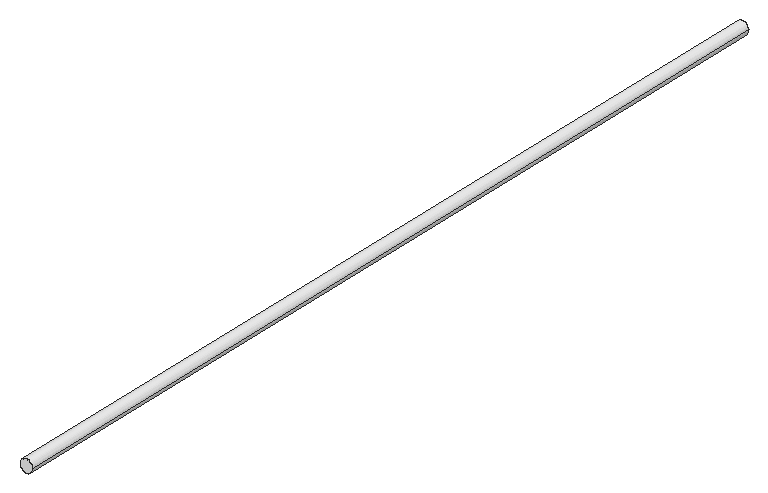
Revit family "Шаблон арматуры IFC", category Несущая арматура, Revit 2017
Family settings
  На основе рабочей плоскости = Нет
  Всегда вертикально = Нет
  При загрузке вырезать с полостями = Нет
  Общий = Нет
Parameters
  E [instance] = 0 mm
  D [instance] = 0 mm
  C [instance] = 0 mm
  B [instance] = 0 mm
  ADSK_Размер_Длина [instance] = A  # 560 mm
  ADSK_Размер_Диаметр [instance] = 8 mm
  ADSK_Размер_В погонных метрах = no
  ADSK_Обозначение = if(ADSK_Класс арматуры число = 500, "ГОСТ Р 52544-2006", if(ADSK_Класс арматуры число = 240, "ГОСТ 5781-82", "Добавьте условие"))  # "ГОСТ Р 52544-2006"
  ADSK_Материал = А500С
  ADSK_Масса погонного метра [instance] = round((6.166 * (ADSK_Размер_Диаметр / 1 mm) * (ADSK_Размер_Диаметр / 1000 mm)) * 1000) / 1000  # 0.395
  ADSK_Масса [instance] = ADSK_Размер_Длина / 1000 mm * ADSK_Масса погонного метра  # 0.2212
  ADSK_Марка конструкции [instance] = ""
  ADSK_Количество позиций = 1  # constant formula
  ADSK_Класс арматуры число = 500
  ADSK_Группирование = "Изделие арматурное"  # constant formula
  ADSK_Арматура семейством = 1 = 1  # yes
  ADSK_Арматура гнутая = no
  A [instance] = 560 mm
Reference planes
  plane 1: y = 0
  plane 2: z = 0
  plane 3: x = 0
Forms (mm)
  Sweep 1, solid, material "А500С" <- "ADSK_Материал", detail levels medium+fine
    path in 3D
      loop
        line (0, 560, 0) -> (0, 0, 0)
    profile origin (0, 280, 0) x (1, 0, 0) y (0, 0, 1)
      loop
        circle (0, 0) r 4
Lines and regions (mm)
  reference lines
    curve 1: line (-870, 0, 0) -> (870, 0, 0)
    curve 2: line (0, 0, -560) -> (0, 0, 560)
  model lines, detail levels coarse
    curve 3: line (0, 560, 0) -> (0, 0, 0)
  sketch lines
    curve 4: line (0, 560, 0) -> (0, 0, 0)
Dimensions and locks
  "A": plane 1 to curve 3
  "ADSK_Размер_Диаметр": diameter of Sweep 1 sketch curve
  aligned and locked: plane 1 to curve 3
  aligned and locked: curve 3 to plane 3
  aligned and locked: curve 1 to Sweep 1 sketch curve
  aligned and locked: curve 2 to Sweep 1 sketch curve
Automatic sketch dimensions
  curve 1 to plane 2 = 0 mm
  curve 2 to plane 3 = 0 mm
  curve 1 to plane 3 = 870 mm
  plane 3 to curve 1 = 870 mm
  curve 2 to plane 2 = 560 mm
  plane 2 to curve 2 = 560 mm
